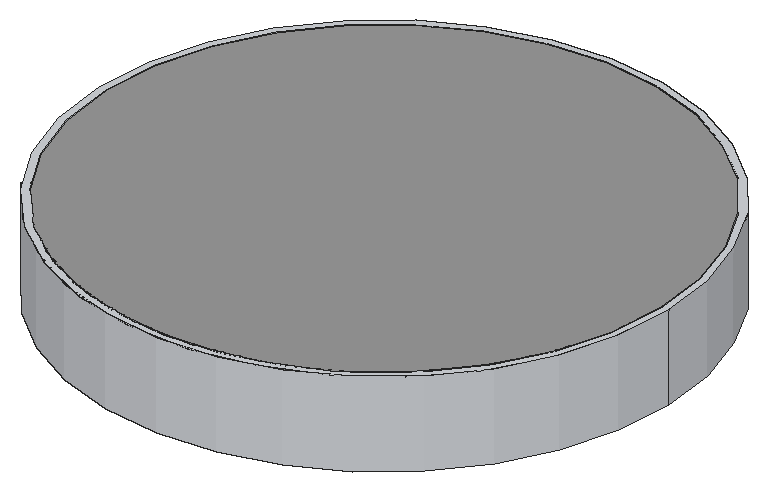
Revit family "2071101", category Lighting Fixtures, host Face, Revit 2018
Family settings
  Host = Face
  Round Connector Dimension = Use Diameter
  Part Type = Normal
  OmniClass Number = 23.80.70.00
  OmniClass Title = Lighting
  Cut with Voids When Loaded = No
  Light Source = Yes
  Shared = No
  Room Calculation Point = No
Parameters (values of type "2071101 COLOSSAL 400 830 OP DIR WHT")
  iner diameter = 390 mm
  Weight = "n/a"
  Wattage Comments = ""
  Wattage = 30 W
  WarrantyStartDate [instance] = "n/a"
  WarrantyGuarantorParts = "n/a"
  WarrantyDurationUnit = "n/a"
  WarrantyDurationParts = ""
  WarrantyDescription = "http://www.sylvania-lighting.com"
  built-in parameter 1150110 = 1 (stored number, unit not read)
  Voltage = 230 V
  URL = "0.95"
  TypeName = "COLOSSAL 400mm 830 OPAL DIR WHITE"
  Type Image = <None>
  Type Comments = "n/a"
  built-in parameter 1114217 = 1 (stored number, unit not read)
  Tilt Angle = -90.00°
  built-in parameter 1150109 = 1 (stored number, unit not read)
  built-in parameter 1150134 = (empty or 0)
  built-in parameter 1150113 = 1 (stored number, unit not read)
  SerialNumber [instance] = "n/a"
  Photometric Web File = "2071101.ies"
  Material_3_SYL = LED-Sylvania
  PowerFactor = 0
  PowerConsumption = "Lighting"
  NominalLength = 400 mm
  NominalHeight = 93 mm
  NominalDepth = 400 mm
  Name = "COLOSSAL 400mm 830 OPAL DIR WHITE"
  ModelReference = Name  # "COLOSSAL 400mm 830 OPAL DIR WHITE"
  ModelNumber = "2071101"
  Model = Name  # "COLOSSAL 400mm 830 OPAL DIR WHITE"
  Material = "Feilo Sylvania"
  ManufacturerName = "117 lm/W"
  Manufacturer = ""
  LuminousEfficacy = ""
  built-in parameter 1150105 = 270.44 (stored number, unit not read)
  Lumens = 3398.4 lm
  LuminaireType = "0"
  built-in parameter 1150115 = 1 (stored number, unit not read)
  LightOutputRatio = "LED"
  built-in parameter 1150137 = (empty or 0)
  built-in parameter 1150139 = (empty or 0)
  LampsType = Lamp  # "n/a"
  LampNominalLuminous = "3000 K"
  LampMacAdamStep = "80"
  LampColourTemperature = "LED"
  LampColourRenderingIndex = "16500"
  built-in parameter 1150112 = 1 (stored number, unit not read)
  built-in parameter 1150114 = 1 (stored number, unit not read)
  Lamp = "n/a"
  Keynote = "n/a"
  InstallationDate [instance] = "n/a"
  InputVoltage = "0"
  InputNominalFrequency = "3000"
  built-in parameter 1150132 = (empty or 0)
  built-in parameter 1150102 = (empty or 0)
  built-in parameter 1150107 = 3000 (stored number, unit not read)
  built-in parameter 1150138 = (empty or 0)
  IngressProtection = "IfcLightFixtureType"
  ImpactProtectionIndex = "IfcLightFixtureType"
  built-in parameter 1150106 = 2.7044 (stored number, unit not read)
  IfcExportType = "IfcLightFixtureType"
  IfcExportAs = "Class I"
  Emit from Circle Diameter = 385 mm
  Emit Shape Visible in Rendering = no
  ElectricShockClassification = "117"
  built-in parameter 1150104 = 10.524 (stored number, unit not read)
  DocumentationLiterature = "http://www.sylvania-lighting.com/product/en-int/products/2071101"
  DimmingControlOptions = "n/a"
  Material_2_SYL = Polycarbonate_Sylvania_White
  Dimming Lamp Color Temperature Shift = <None>
  Description = "400mm diameter circular architectural luminaire, can be surface mounted or suspended. Powder coated aluminium housing (RAL9016) with polycarbonate opal diffuser. Direct light distribution, 2460lm luminuous flux, 21W system power, 117lm/W luminiaire efficacy. Constant current driver. Colour rendering index Ra >80, 3000K Warm White LED, chromaticity tolerance of 3-step MacAdam ellipse. IP40, IK03. 450mA drive current. Electrical protection Class1, 220-240V. Reported lifetime 66k hours L90B10."
  Default Elevation = 1219.2 mm
  CreatedOn = "22/03/2022"
  CreatedBy = "@sylvania-lighting.com"
  Cost = 0
  Color Filter = 16777215
  built-in parameter 1114216 [instance] = (empty or 0)
  ClassificationValue = "EF_70_80"
  ClassificationName = "Uniclass2015"
  Material_1_SYL = Polycarbonate_Sylvania_Opal
  BarCode [instance] = "n/a"
  built-in parameter 1114218 = 1 (stored number, unit not read)
  built-in parameter 1150133 = 10 (stored number, unit not read)
  AssetType = "Fixed"
  AssetIdentifier [instance] = "n/a"
  Assembly Code = "D5020200"
  Apparent Load = 21 VA
  Material_4_SYL = none
Reference planes
  plane 1 "Center (Front/Back)": y = 0
  plane 2: z = 0
  plane 3 "Center (Left/Right)": x = 0
  plane 4: x = -200
  plane 5: x = 200
  plane 6: y = 200
  plane 7: y = -200
  plane 8: y = 236
  plane 9: y = -236
  plane 10: z = 93
  plane 11: y = 195
  plane 12: y = -195
  plane 13: y = 90.5
  plane 14: y = 144.5
  plane 15: through (52.25, 90.5, 1219.2) normal (0.866, 0.5, 0)
  plane 16: through (52.25, 90.5, 1219.2) normal (0.866, 0.5, 0)
  plane 17: through (63.706, 126.657, 1219.2) normal (0.866, 0.5, 0)
  plane 18: through (-104.5, 0, 1219.2) normal (-0.866, 0.5, 0)
  plane 19: through (-142.394, -9.633, 1219.2) normal (-0.866, 0.5, 0)
  plane 20: y = -90.5
  plane 21: y = -118.5
  plane 22: through (85.371, -141.133, 1219.2) normal (-0.866, 0.5, 0)
  plane 23: through (52.25, -90.5, 1219.2) normal (-0.866, 0.5, 0)
  plane 24: through (-161.658, 0, 1219.2) normal (0.866, 0.5, 0)
  plane 25: through (-172.12, 9.121, 1219.2) normal (0.866, 0.5, 0)
  plane 26: through (-104.5, 0, 1219.2) normal (0.866, 0.5, 0)
Forms (mm)
  Extrusion 1, solid, detail levels medium+fine
    sketch origin (0, 0, 0) x (1, 0, 0) y (0, 1, 0)
      loop
        circle (0, 0) r 200
    from 33.023 to 93
  Extrusion 2, void
    sketch origin (0, 0, 0) x (1, 0, 0) y (0, 1, 0)
      loop
        circle (0, 0) r 195
    from 93 to 37.292
  Extrusion 3, solid, material "Glass, White, High Luminance", detail levels fine
    sketch origin (0, 0, 0) x (1, 0, 0) y (0, 1, 0)
      loop
        circle (0, 0) r 195
    from 88.026 to 93
  Extrusion 4, solid, detail levels coarse
    sketch origin (0, 0, 0) x (1, 0, 0) y (0, 1, 0)
      loop
        line (-200, 200) -> (-200, -200) -> (200, -200) -> (200, 200) -> (-200, 200)
    from 0 to 93
  Blend 5, solid, detail levels medium+fine
    base sketch origin (0, 0, 0) x (1, 0, 0) y (0, 1, 0)
      loop
        line (-52.25, 90.5) -> (-104.5, 0) -> (-52.25, -90.5) -> (52.25, -90.5) -> (104.5, 0) -> (52.25, 90.5) -> (-52.25, 90.5)
    top sketch origin (0, 0, 0) x (1, 0, 0) y (0, 1, 0)
      loop
        line (-53.405, 144.5) -> (-149.245, -21.5) -> (-93.242, -118.5) -> (98.438, -118.5) -> (151.843, -26) -> (53.405, 144.5) -> (-53.405, 144.5)
    from 0 to 33.023
Cuts and joins
  Extrusion 2 cuts Extrusion 1
Dimensions and locks
  "NominalDepth": plane 6 to plane 7
  "NominalLength": plane 4 to plane 5
  equal spacing: plane 4, plane 3 "Center (Left/Right)", plane 5
  "iner diameter": plane 11 to plane 12
  equal spacing: plane 11, plane 1 "Center (Front/Back)", plane 12
  equal spacing: plane 6, plane 1 "Center (Front/Back)", plane 7
  "NominalHeight": plane 10 to level
  plane 19 to plane 18 = 28 mm
  radius of Extrusion 2 sketch curve = 195 mm
  aligned and locked: plane 2 to host face
  aligned and locked: level to host face
Automatic sketch dimensions
  host sketch curve to host sketch curve = 2438.4 mm  (x2)
  plane 1 "Center (Front/Back)" to Extrusion 1 sketch curve = 0 mm
  Extrusion 1 sketch curve to plane 3 "Center (Left/Right)" = 0 mm
  plane 1 "Center (Front/Back)" to Extrusion 2 sketch curve = 0 mm
  Extrusion 2 sketch curve to plane 3 "Center (Left/Right)" = 0 mm
  plane 1 "Center (Front/Back)" to Extrusion 3 sketch curve = 0 mm
  Extrusion 3 sketch curve to plane 3 "Center (Left/Right)" = 0 mm
  Extrusion 4 sketch curve to plane 4 = 0 mm
  Extrusion 4 sketch curve to plane 5 = 0 mm
  Extrusion 4 sketch curve to plane 7 = 0 mm
  Extrusion 4 sketch curve to plane 6 = 0 mm
  Blend 5 sketch curve to plane 19 = 0 mm  (x2)
  Blend 5 sketch curve to plane 24 = 0 mm  (x2)
  Blend 5 sketch curve to plane 21 = 0 mm
  Blend 5 sketch curve to plane 14 = 0 mm
  Blend 5 sketch curve to plane 17 = 0 mm  (x2)
  Blend 5 sketch curve to plane 22 = 0 mm  (x2)
  radius of Extrusion 1 sketch curve = 200 mm
  radius of Extrusion 3 sketch curve = 195 mm
Connectors
  electrical at (0, 0, 0), driven by "Apparent Load", driven by "PowerFactor", driven by "Voltage"
    settings: index 1, voltage 230 V, apparent load 21 VA, apparent load phase1 0 VA, apparent load phase2 0 VA, apparent load phase3 0 VA, power factor 0, load classification "Lighting", number of poles 1, system type 30, power factor state 1, is connector primary yes, connector utility no, sub classification motor no, connector description ""
